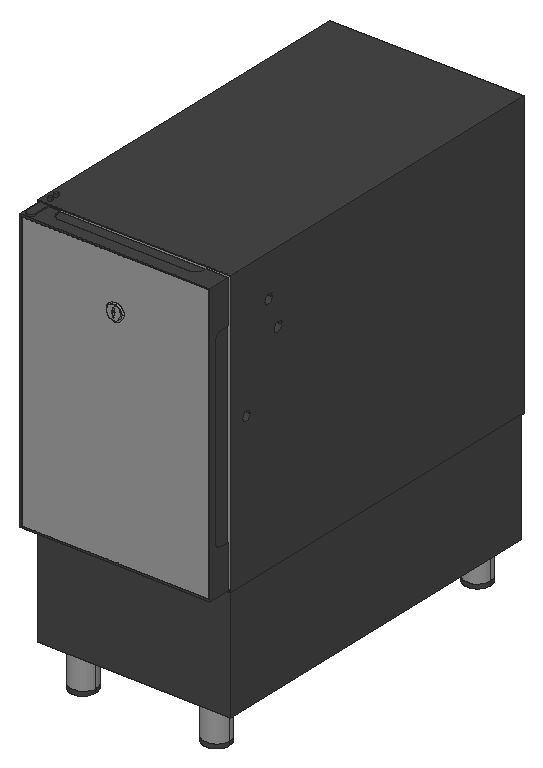
Revit family "Franke_Kühleinheit_KE200_EC-A600_MS_EC_Tank_A600_FM_EC_A800_FM_EC", category Sonderausstattung, Revit 2015
Parameters (values of type "Kühleinheit KE200 EC-A600 MS EC Tank,A600 FM EC,A800 FM EC(230V/EU)")
  URL = "http://www.franke.com/main/de/cs/produkte/produktsuche/produktsuche.html#akCache=true&p=1&t=grid&f=cat14_3210"
  Tiefe = 453 mm
  Temperaturbereich = "+ 3°C bis + 8°C"
  Spannung = 230 V
  Sicherung = "10 A"
  Netzfrequenz alternativ = 60 Hz
  Netzfrequenz = 50 Hz
  Modell = "410867 - Kühleinheit KE200 EC - A600 MS EC Tank, A600 FM EC, A800 FM EC"
  Milchvorrat = "4 l"
  Leistung = 82 W
  Kosten = 0
  Höhe = 506 mm
  Hersteller = "Franke"
  Energieverlust nach DIN18873 = "0.460 kWh/24 h - 230 V"
  Breite = 225 mm
  Besonderheiten = "Podest"
  Beschreibung = "Beistellgerät Kühleinheit KE200 MS1 dient zum Aufbewahren von gekühlter Milch"
  Assembly Code = "Beistellgerät Kühleinheit "
  Keynote = "Beistellgerät Kühleinheit"
  Aufstellgewicht = "13 kg"
  Anzahl von Polen = 1
  Anzahl der Schutzleiter = "1"
  Anzahl der Nullleiter = "1"
Reference planes
  plane 1 "Mitte (Vorne/Hinten)": y = 0
  plane 2: z = 0
  plane 3 "Mitte (Links/Rechts)": x = 0
Forms (mm)
  Extrusion 1, solid, material "Franke Black"
    sketch origin (0, 0, 150) x (0, 1, 0) y (0, 0, 1)
      loop
        line (212.3, 356) -> (-212.3, 356) -> (-212.3, 26) -> (212.3, 26) -> (212.3, 356)
    from -112.5 to 112.5
  Extrusion 2, solid, material "Franke Stahl, verchromt"
    sketch origin (0, 0, 150) x (1, 0, 0) y (0, 0, 1)
      loop
        circle (0, 290.954) r 8
      loop
        arc (1, 294.954) -> (0.707, 295.662) -> (0, 295.954) r 1
        arc (0, 295.954) -> (-0.707, 295.662) -> (-1, 294.954) r 1
        line (-1, 294.954) -> (-1, 292.687)
        arc (-1, 292.687) -> (-2, 290.954) -> (-1, 289.222) r 2
        line (-1, 289.222) -> (-1, 286.954)
        arc (-1, 286.954) -> (-0.707, 286.247) -> (0, 285.954) r 1
        arc (0, 285.954) -> (0.707, 286.247) -> (1, 286.954) r 1
        line (1, 286.954) -> (1, 289.222)
        arc (1, 289.222) -> (2, 290.954) -> (1, 292.687) r 2
        line (1, 292.687) -> (1, 294.954)
    from 240.3 to 242.3
  Blend 3, solid, material "Franke Stahl, verchromt"
    base sketch origin (0, 0, 150) x (1, 0, 0) y (0, 0, 1)
      loop
        circle (0, 290.954) r 10
    top sketch origin (0, 0, 150) x (1, 0, 0) y (0, 0, 1)
      loop
        circle (0, 290.954) r 8
    from 240.3 to 241.3
  Extrusion 4, solid
    sketch origin (0, 0, 150) x (1, 0, 0) y (0, 0, 1)
      loop
        line (-105.863, 349.363) -> (-105.863, 32.637) -> (105.863, 32.637) -> (105.863, 349.363) -> (-105.863, 349.363)
    from 212.3 to 214.3
  Revolve 5, solid, material "Franke Black"
    sketch origin (-77.5, 0, 169) x (0, 1, 0) y (0, 0, 1)
      loop
        line (212.3, 252) -> (225.9, 252) -> (225.9, 262.5)
        arc (225.9, 262.5) -> (225.314, 263.914) -> (223.9, 264.5) r 2
        line (223.9, 264.5) -> (212.3, 264.5) -> (212.3, 252)
      axis (225.9, 252) -> (212.3, 252)
    angle from 0 to 360
  Extrusion 6, void
    sketch origin (0, 0, 169) x (0, 1, 0) y (0, 0, 1)
      loop
        circle (-158.312, 288.596) r 6
      loop
        circle (-144.81, 253.988) r 6
      loop
        circle (-190.311, 180.988) r 6
    from 102.5 to 127.226
  Extrusion 7, void
    sketch origin (0, 0, 169) x (1, 0, 0) y (0, 0, 1)
      loop
        line (60.953, 48.985) -> (60.953, 22.709) -> (92.574, 22.709) -> (92.574, 48.985) -> (60.953, 48.985)
    from -221.866 to -202.3
  Extrusion 8, solid, material "Franke Black"
    sketch origin (0, 0, 150) x (1, 0, 0) y (0, 0, 1)
      loop
        line (-110.5, 354) -> (-110.5, 28) -> (110.5, 28) -> (110.5, 354) -> (-110.5, 354)
      loop
        line (108.5, 352) -> (-108.5, 352) -> (-108.5, 30) -> (108.5, 30) -> (108.5, 352)
    from 214.3 to 240.3
  Extrusion 9, solid, material "Franke Edelstahl, gebürstet"
    sketch origin (0, 0, 150) x (1, 0, 0) y (0, 0, 1)
      loop
        line (-108.5, 352) -> (-108.5, 30) -> (108.5, 30) -> (108.5, 352) -> (-108.5, 352)
      loop
        circle (0, 290.954) r 10
    from 214.3 to 240.3
  Extrusion 10, void
    sketch origin (0, 0, 150) x (0, 1, 0) y (0, 0, 1)
      loop
        line (-212.3, 78) -> (-212.3, 304) -> (-223.8, 304)
        arc (-223.8, 304) -> (-230.871, 301.071) -> (-233.8, 294) r 10
        line (-233.8, 294) -> (-233.8, 88)
        arc (-233.8, 88) -> (-230.871, 80.929) -> (-223.8, 78) r 10
        line (-223.8, 78) -> (-212.3, 78)
    from 109.5 to 123.031
  Extrusion 11, void
    sketch origin (0, 0, 150) x (0, 1, 0) y (0, 0, -1)
      loop
        line (-212.3, -78) -> (-223.8, -78)
        arc (-223.8, -78) -> (-230.871, -80.929) -> (-233.8, -88) r 10
        line (-233.8, -88) -> (-233.8, -294)
        arc (-233.8, -294) -> (-230.871, -301.071) -> (-223.8, -304) r 10
        line (-223.8, -304) -> (-212.3, -304) -> (-212.3, -78)
    from 109.5 to 123.031
  Extrusion 12, void
    sketch origin (0, 0, 150) x (1, 0, 0) y (0, 1, 0)
      loop
        line (-85.5, -212.3) -> (-85.5, -217.3)
        arc (-85.5, -217.3) -> (-82.571, -224.371) -> (-75.5, -227.3) r 10
        line (-75.5, -227.3) -> (75.5, -227.3)
        arc (75.5, -227.3) -> (82.571, -224.371) -> (85.5, -217.3) r 10
        line (85.5, -217.3) -> (85.5, -212.3) -> (-85.5, -212.3)
    from 353 to 371.405
  Extrusion 13, void
    sketch origin (0, 0, 150) x (1, 0, 0) y (0, 0, 1)
      loop
        line (111.5, 355) -> (-111.5, 355) -> (-111.5, 27) -> (111.5, 27) -> (111.5, 355)
    from 199.527 to 273.235
  Extrusion 14, solid, material "Franke Kunststoff, undurchsichtig weiß"
    sketch origin (0, 0, 150) x (1, 0, 0) y (0, 0, 1)
      loop
        line (-111.5, 355) -> (-111.5, 27) -> (111.5, 27) -> (111.5, 355) -> (-111.5, 355)
    from 199.527 to 212.3
  Extrusion 15, solid, material "Franke Black"
    sketch origin (0, 0, 150) x (1, 0, 0) y (0, 1, 0)
      loop
        arc (-108.5, -233.3) -> (-103.5, -238.3) -> (-98.5, -233.3) r 5
        line (-98.5, -233.3) -> (-98.5, -212.3) -> (-108.5, -212.3) -> (-108.5, -233.3)
    from 354 to 355
  Extrusion 16, solid, material "Franke Black"
    sketch origin (0, 0, 150) x (1, 0, 0) y (0, 1, 0)
      loop
        circle (-103.5, -205.3) r 2
      loop
        circle (-103.5, -196.3) r 2
    from 356 to 358.5
  Extrusion 17, solid, material "Franke Black"
    sketch origin (0, 0, -177) x (0, -1, 0) y (1, 0, 0)
      loop
        arc (233.3, -108.5) -> (238.3, -103.5) -> (233.3, -98.5) r 5
        line (233.3, -98.5) -> (212.3, -98.5) -> (212.3, -108.5) -> (233.3, -108.5)
    from 354 to 355
  Extrusion 18, solid, material "Franke Stahl, verchromt"
    sketch origin (0, -4, 20) x (1, 0, 0) y (0, 1, 0)
      loop
        circle (-77.5, 193.3) r 15
      loop
        circle (77.5, 193.3) r 15
      loop
        circle (-77.5, -185.7) r 15
      loop
        circle (77.5, -185.7) r 15
    from -15 to 26
  Extrusion 19, solid, material "Franke Black"
    sketch origin (0, -4, -15) x (1, 0, 0) y (0, 1, 0)
      loop
        circle (-77.5, 193.3) r 15
      loop
        circle (77.5, 193.3) r 15
      loop
        circle (-77.5, -185.7) r 15
      loop
        circle (77.5, -185.7) r 15
    from 15 to 20
  Extrusion 20, solid, material "Franke Black"
    sketch origin (-305, 0, 0) x (1, 0, 0) y (0, 0, 1)
      loop
        line (192.5, 176) -> (192.5, 46) -> (417.5, 46) -> (417.5, 176) -> (192.5, 176)
    from -208.3 to 212.3
  Extrusion 21, solid, material "Franke Stahl, verchromt"
    sketch origin (0, 0, 20) x (1, 0, 0) y (0, 1, 0)
      loop
        circle (0, 174.198) r 2.5
    from 20 to 26
Cuts and joins
  Extrusion 6, Extrusion 7, Extrusion 13 cuts Extrusion 1
  Extrusion 10, Extrusion 11, Extrusion 12 cuts Extrusion 8
Dimensions and locks
  aligned and locked: level to plane 2
Connectors
  electrical at (0, 174.198, 40), driven by "Spannung", driven by "Anzahl von Polen"
    settings: on Extrusion 21, index 5, voltage 230 V, apparent load 0 VA, apparent load phase1 0 VA, apparent load phase2 0 VA, apparent load phase3 0 VA, power factor 1, load classification "Strom", number of poles 1, system type 31, power factor state 1, is connector primary yes, connector utility no, sub classification motor no, connector description ""
